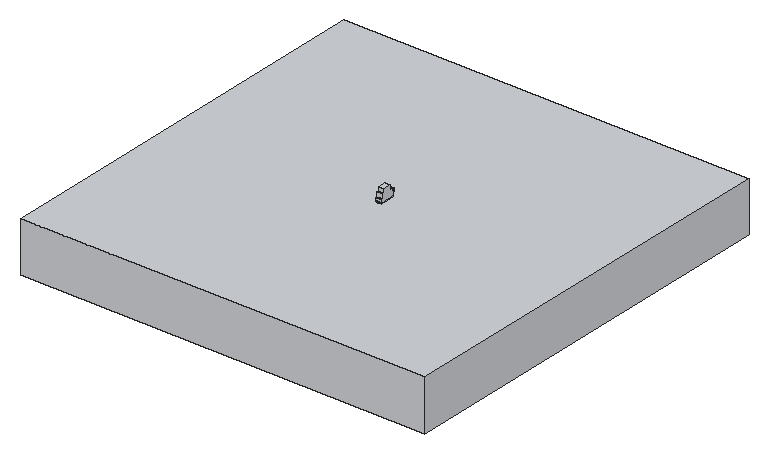
Revit family "Gira_216700", category Elektroinstallationen, Revit 2017
Family settings
  Basisbauteil = Fläche
  Beschriftungsausrichtung beibehalten = Nein
  Bemaßung runder Anschluss = Durchmesser verwenden
  Teiletyp = Normal
  Beim Laden mit Abzugskörper schneiden = Nein
  Gemeinsam genutzt = Nein
  Raumberechnungspunkt = Nein
Parameters (values of type "KNX IP-Router KNX REG")
  Default Elevation = 1219.2 mm
  Vor Ort-/Handbedienung = no
  URL = "https://www.gira.de/"
  Typname = "KNX IP-Router KNX REG"
  Type Comments = ""
  Stromart = ""
  Schutzart (IP) = ""
  Produktseite = "https://media.stage.bim.site/t/eyJhbGciOiJIUzI1NiIsInR5cCI6IkpXVCJ9.eyJjdCI6MiwidHUiOiJodHRwOi8va2F0YWxvZy5naXJhLmRlL2RlX0RFL2RhdGVuYmxhdHQuaHRtbD9hcnRpa2VsbnI9MjE2NzAwIiwiY2lkIjoiMzI3N2NjMjMtODFhOS00ZWUzLWE5MGEtYjQ3YmI0YzBiNjE2IiwicmlkIjoiM2FlZDk0YWIxM2Q4MGNkODYyYWMyNGU1ZGJiNjFjZWQiLCJwaWQiOiJhZTVhMmQ2MWE5NzE1OWE4NGNhM2EyOTA5YjU1OWYzYmRjNDlmYzNiIiwic2lkIjoiNjM0NzAiLCJ1dCI6MSwibGMiOiJkZSIsImlhdCI6MTYwMDk0MDAyNywiaXNzIjoiaHR0cHM6Ly9hcGkubGl2ZS5iaW0uc2l0ZSIsInN1YiI6ImFkbWluQGJpbXNpdGUuZGV2In0.StAjNDJwykkvIsnHTd-Uk2wFgSGqVVpzpCr4z7VNaro"
  Montageart = ""
  Model = ""
  Mit LED-Anzeige = no
  Mit Busankopplung = no
  Max. Schaltleistung [Voltampere] = 0
  Max. Anzahl der Jalousieausgänge = 0
  Kosten = 0
  Installationstechnik = ""
  Hersteller = "Gira"
  HeinzeBIM = "https://www.heinze.de/bim/knx-ip-router-knx-reg/ae5a2d61a97159a84ca3a2909b559f3bdc49fc3b"
  HAN = "216700"
  GTIN = "4010337084440"
  Funktion Schalten = no
  Funktion = ""
  Datenblatt 1 = "https://media.stage.bim.site/t/eyJhbGciOiJIUzI1NiIsInR5cCI6IkpXVCJ9.eyJjdCI6MSwidGYiOiJwdWJsaWMvZ2lyYS9hZThjNTU3LzIxNjcwMC50eHQiLCJjaWQiOiIzMjc3Y2MyMy04MWE5LTRlZTMtYTkwYS1iNDdiYjRjMGI2MTYiLCJyaWQiOiIzYWVkOTRhYjEzZDgwY2Q4NjJhYzI0ZTVkYmI2MWNlZCIsInBpZCI6ImFlNWEyZDYxYTk3MTU5YTg0Y2EzYTI5MDliNTU5ZjNiZGM0OWZjM2IiLCJzaWQiOiI2MzQ3MCIsInV0IjoxLCJsYyI6ImRlIiwiaWF0IjoxNjAwOTQwMDI3LCJpc3MiOiJodHRwczovL2FwaS5saXZlLmJpbS5zaXRlIiwic3ViIjoiYWRtaW5AYmltc2l0ZS5kZXYifQ.gbuNAmzRqvaX9uMkRcvIw32SbTsRWW8fgdYoRNBIhl4/216700.txt"
  Datenblatt = "https://media.stage.bim.site/t/eyJhbGciOiJIUzI1NiIsInR5cCI6IkpXVCJ9.eyJjdCI6MSwidHUiOiJodHRwczovL2thdGFsb2cuZ2lyYS5kZS9kZV9ERS9kb3dubG9hZC5odG1sP2FydGlrZWxucj0yMTY3MDAiLCJjaWQiOiIzMjc3Y2MyMy04MWE5LTRlZTMtYTkwYS1iNDdiYjRjMGI2MTYiLCJyaWQiOiIzYWVkOTRhYjEzZDgwY2Q4NjJhYzI0ZTVkYmI2MWNlZCIsInBpZCI6ImFlNWEyZDYxYTk3MTU5YTg0Y2EzYTI5MDliNTU5ZjNiZGM0OWZjM2IiLCJzaWQiOiI2MzQ3MCIsInV0IjoxLCJsYyI6ImRlIiwiaWF0IjoxNjAwOTQwMDI3LCJpc3MiOiJodHRwczovL2FwaS5saXZlLmJpbS5zaXRlIiwic3ViIjoiYWRtaW5AYmltc2l0ZS5kZXYifQ.r67O17KzQ4fEjITWJPjlhhF4m_H74VKbtvqP1trxrLk"
  Bussystem Powernet = no
  Bussystem LON = no
  Bussystem KNX-Funk = no
  Bussystem KNX = no
  Bussystem Funkbus = no
  Breite in Teilungseinheiten = 0
  Beschreibung = "KNX IP-Router  REG plus Merkmale:  Verbindung von KNX Linien mit Hilfe von Datennetzwerken unter Nutzung des Internet Protokolls (IP).  Ankopplung an ein KNX System zusammen mit dem Gira HomeServer bzw. Gira FacilityServer.  Filtern und Weiterleiten von Telegrammen.  Einsatz als Linien- oder Bereichskoppler.  Verwendung als KNX Zeitgeber.  Aufzeichnen von KNX Telegrammen auf microSD-Karte.  KNX Data Secure und KNX IP Secure zur sicheren und manipulationsgeschützten Kommunikation im KNX.  Bis zu vier Tunneling-Verbindungen gleichzeitig möglich.  Zuverlässige Kommunikation zur automatischen Korrektur von Telegrammverlusten im WLAN (Reliable Communication).  Hinweise :  Versorgung über externe DC 24 V.  Für Firmware-Updates wird der Gira Projekt Assistent (GPA) benötigt. Der GPA ist kostenlos im Gira Downloadbereich verfügbar."
  Assembly Code = ""
  Keynote = ""
  BIMSITE_PRODUCT_ID = "ae5a2d61a97159a84ca3a2909b559f3bdc49fc3b"
  BIM = "https://media.stage.bim.site/t/eyJhbGciOiJIUzI1NiIsInR5cCI6IkpXVCJ9.eyJjdCI6MSwidGYiOiJwdWJsaWMvZ2lyYS9hZThjNTU3L0dpcmEgWDEgUkVHIEtOWC5yZmEiLCJjaWQiOiIzMjc3Y2MyMy04MWE5LTRlZTMtYTkwYS1iNDdiYjRjMGI2MTYiLCJyaWQiOiIzYWVkOTRhYjEzZDgwY2Q4NjJhYzI0ZTVkYmI2MWNlZCIsInBpZCI6ImFlNWEyZDYxYTk3MTU5YTg0Y2EzYTI5MDliNTU5ZjNiZGM0OWZjM2IiLCJzaWQiOiI2MzQ3MCIsInV0Ijo1LCJsYyI6ImRlIiwiaWF0IjoxNjAwOTQwMDI3LCJpc3MiOiJodHRwczovL2FwaS5saXZlLmJpbS5zaXRlIiwic3ViIjoiYWRtaW5AYmltc2l0ZS5kZXYifQ.o_2Vs9wLnbyfBVumHQlcNuGvSGWmX3OunPFXgH4pKUA/Gira X1 REG KNX.rfa"
  Anzahl der Eingänge = 0
  Andere Bussysteme = ""
Reference planes
  plane 1 "Center (Front/Back)": y = 0
  plane 2: z = 0
  plane 3 "Center (Left/Right)": x = 0
Forms (mm)
  Extrusion 1, solid
    sketch origin (0, 0, 0) x (1, 0, 0) y (0, 1, 0)
      loop
        line (-1219.2, 1219.2) -> (-1219.2, -1219.2) -> (1219.2, -1219.2) -> (1219.2, 1219.2) -> (-1219.2, 1219.2)
    from 0 to -304.8
  Extrusion 2, solid, detail levels fine
    sketch origin (0, -0.2, 0) x (0, 1, 0) y (0, 0, 1)
      loop
        line (22.65, 43.82) -> (22.65, 68.77) -> (-22.25, 68.77) -> (-22.25, 43.82) -> (-30.4, 43.82) -> (-30.4, 19.42) -> (-44.8, 19.42) -> (-44.8, 1.97) -> (45.192, 1.97) -> (45.192, 28.47) -> (32.925, 28.47) -> (32.831, 39.259) -> (31.225, 41.242) -> (31.225, 43.82) -> (22.65, 43.82)
    from -17.95 to 17.95
  Extrusion 3, solid, detail levels fine
    sketch origin (0, -0.2, 0) x (0, 1, 0) y (0, 0, 1)
      loop
        line (45.192, 43.82) -> (31.225, 43.82) -> (31.225, 41.242) -> (32.831, 39.259) -> (32.925, 28.47) -> (45.192, 28.47) -> (45.192, 43.82)
    from -17.95 to -15.8
  Extrusion 4, solid, detail levels fine
    sketch origin (0, -0.2, 0) x (0, 1, 0) y (0, 0, -1)
      loop
        line (45.192, -43.82) -> (45.192, -28.47) -> (32.925, -28.47) -> (32.831, -39.259) -> (31.225, -41.242) -> (31.225, -43.82) -> (45.192, -43.82)
    from -17.95 to -15.8
  Extrusion 5, solid, detail levels fine
    sketch origin (0, -0.2, 0) x (0, 1, 0) y (0, 0, 1)
      loop
        line (31.5, 42.848) -> (31.5, 40.412)
        arc (31.5, 40.412) -> (38.359, 39.512) -> (45.192, 38.435) r 267
        line (45.192, 38.435) -> (45.192, 14.255)
        arc (45.192, 14.255) -> (50.205, 15.189) -> (55.2, 16.219) r 264.9
        line (55.2, 16.219) -> (55.2, 38.933)
        arc (55.2, 38.933) -> (43.394, 41.159) -> (31.5, 42.848) r 265
    from -15.506 to 15.5
  Extrusion 6, solid, detail levels fine
    sketch origin (0, -0.2, 0) x (0, 1, 0) y (0, 0, 1)
      loop
        line (45.2, 1.5) -> (17.774, 1.5) -> (17.905, -6.017)
        arc (17.905, -6.017) -> (20.285, -6.454) -> (22.7, -6.6) r 20
        arc (22.7, -6.6) -> (33.985, -5.009) -> (45.128, -2.618) r 160
        line (45.128, -2.618) -> (45.2, 1.5)
    from -17.95 to 18
  Extrusion 7, solid, detail levels fine
    sketch origin (0, -0.2, 0) x (0, 1, 0) y (0, 0, 1)
      loop
        line (17.905, -6.017) -> (17.824, -1.4) -> (16.8, -1.4) -> (14.749, -4.952)
        arc (14.749, -4.952) -> (16.305, -5.55) -> (17.905, -6.017) r 20
    from -17.95 to -13
  Extrusion 8, solid, detail levels fine
    sketch origin (0, -0.2, 0) x (0, 1, 0) y (0, 0, -1)
      loop
        arc (17.905, 6.017) -> (16.305, 5.55) -> (14.749, 4.952) r 20
        line (14.749, 4.952) -> (16.8, 1.4) -> (17.824, 1.4) -> (17.905, 6.017)
    from -17.95 to -13
  Extrusion 9, solid, detail levels fine
    sketch origin (0, -0.2, 0) x (0, 1, 0) y (0, 0, 1)
      loop
        line (17.8, 0) -> (17.774, 1.5) -> (-44.8, 1.5) -> (-44.774, 0) -> (17.8, 0)
    from -17.95 to 17.95
  Extrusion 10, solid, detail levels fine
    sketch origin (0, 0, 0) x (0, 1, 0) y (0, 0, 1)
      loop
        line (-48.916, -3.317) -> (-44.906, -3.881) -> (-44.974, 0) -> (-48.916, 0) -> (-48.916, -3.317)
    from -4.803 to 4.797
  Extrusion 11, solid, detail levels fine
    sketch origin (0, 0, 0) x (0, 1, 0) y (0, 0, 1)
      loop
        arc (-22.5, -6.6) -> (-20.811, -6.529) -> (-19.134, -6.315) r 20
        line (-19.134, -6.315) -> (-18.029, -3.279) -> (-18, 0) -> (-44.974, 0) -> (-44.928, -2.618)
        arc (-44.928, -2.618) -> (-33.785, -5.009) -> (-22.5, -6.6) r 160
    from -17.95 to -10.5
  Extrusion 12, solid, detail levels fine
    sketch origin (0, 0, 0) x (0, 1, 0) y (0, 0, -1)
      loop
        arc (-22.5, 6.6) -> (-33.785, 5.009) -> (-44.928, 2.618) r 160
        line (-44.928, 2.618) -> (-44.974, 0) -> (-18, 0) -> (-18.029, 3.279) -> (-19.134, 6.315)
        arc (-19.134, 6.315) -> (-20.811, 6.529) -> (-22.5, 6.6) r 20
    from -17.95 to -10.5
  Extrusion 13, solid, detail levels fine
    sketch origin (0, 0, 0) x (0, 1, 0) y (0, 0, 1)
      loop
        line (-30.708, -6.6) -> (-30.65, 0) -> (-44.974, 0) -> (-44.859, -6.6) -> (-30.708, -6.6)
    from -10.5 to 10.5
  Extrusion 14, solid, detail levels fine
    sketch origin (0, 0, 0) x (1, 0, 0) y (0, 1, 0)
      loop
        circle (-0.003, -20.023) r 1
    from -7.682 to 0
  Extrusion 15, solid, detail levels fine
    sketch origin (0, 0, 0) x (0, 1, 0) y (0, 0, 1)
      loop
        line (-17.523, -0.8) -> (-17.523, 0) -> (-30.65, 0) -> (-30.684, -3.9) -> (-27.106, -3.9) -> (-27.106, -5.6) -> (-19.623, -6.6) -> (-18.03, -6.6) -> (-15.023, -2.682) -> (-15.023, -1.517) -> (-17.523, -0.8)
    from -4.503 to 4.5
  Extrusion 16, solid, detail levels fine
    sketch origin (0, 0, 0) x (1, 0, 0) y (0, 1, 0)
      loop
        line (16.859, 43.848) -> (-16.859, 43.848) -> (-16.859, -43.859) -> (16.859, -43.859) -> (16.859, 43.848)
    from 1.5 to 4
  Extrusion 17, solid, detail levels medium
    sketch origin (0, 0, 0) x (0, 1, 0) y (0, 0, 1)
      loop
        line (22.45, 68.77) -> (-22.45, 68.77) -> (-22.45, 43.82) -> (-30.6, 43.82) -> (-30.6, 19.42) -> (-45, 19.42) -> (-45, 0) -> (-48.916, 0) -> (-48.916, -6.6) -> (-15.023, -6.6) -> (-15.023, 0) -> (14.549, 0) -> (14.549, -6.6) -> (44.992, -6.6) -> (44.992, 14.255)
        arc (44.992, 14.255) -> (50.005, 15.189) -> (55, 16.219) r 264.9
        line (55, 16.219) -> (55, 38.933)
        arc (55, 38.933) -> (50.005, 39.943) -> (44.992, 40.856) r 265
        line (44.992, 40.856) -> (44.992, 43.82) -> (22.45, 43.82) -> (22.45, 68.77)
    from -17.95 to 17.95
  Extrusion 18, solid, detail levels coarse
    sketch origin (0, 0, 0) x (1, 0, 0) y (0, 1, 0)
      loop
        line (-17.95, 55) -> (-17.95, -48.916) -> (17.95, -48.916) -> (17.95, 55) -> (-17.95, 55)
    from -7.682 to 68.77
Dimensions and locks
  aligned and locked: plane 2 to Extrusion 1
  aligned and locked: level to Extrusion 1
Connectors
  electrical at (0, -13.687, 0)
    settings: on Extrusion 9, index 1, voltage 24 V, apparent load 0 VA, apparent load phase1 0 VA, apparent load phase2 0 VA, apparent load phase3 0 VA, power factor 1, load classification "Other", number of poles 1, system type 30, power factor state 1, is connector primary yes, connector utility no, sub classification motor no, connector description ""
